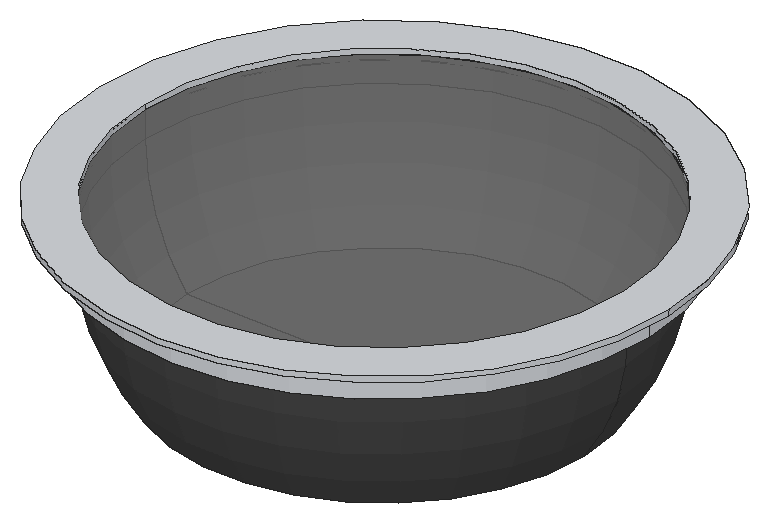
Revit family "3031818 Lighting Fixture_Sylvania_Syl-Lighter II_Ceiling Recessed", category Lighting Fixtures, host Face, Revit 2017
Family settings
  Host = Face
  Round Connector Dimension = Use Diameter
  Part Type = Normal
  OmniClass Number = 23.80.70.11.17
  OmniClass Title = Specialized Lighting by Location or Use
  Cut with Voids When Loaded = No
  Light Source = Yes
  Shared = No
  Room Calculation Point = No
Parameters (values of type "Syl-Lighter LED II 220 RO 21W WW 1-10V")
  Weight = 0.60 kg
  Wattage = 18.847 W
  built-in parameter 1150110 = 1 (stored number, unit not read)
  Voltage Comments = "UNV (Universal Voltage; 220-240 Volt)"  # constant formula
  Voltage = 240 V  # constant formula
  URL = "http://www.sylvania-lighting.com"
  built-in parameter 1114217 = 1 (stored number, unit not read)
  Tilt Angle = -90.00°  # constant formula
  built-in parameter 1150109 = 1 (stored number, unit not read)
  built-in parameter 1150134 = (empty or 0)
  Ta Rating = "-10°C to +40°C"  # constant formula
  built-in parameter 1150113 = 1 (stored number, unit not read)
  Recessed Depth = Height  # 60.0 mm
  IP Rating = "IP44"  # constant formula
  IK Rating = "IK07"  # constant formula
  Energy Class = "A++, A+, A"  # constant formula
  Dimmable = "DALI"  # constant formula
  Catalog Number = "3031818 Syl-Lighter LED II 220 RO 21W WW 1-10V"
  Body Material = Metal_Sylvania_Syl-Lighter LED II_Silver
  Product Page URL = "http://www.sylvania-lighting.com/product/en-int/products/3031818"
  Product Family = "SYL-LIGHTER LED II"  # constant formula
  Photometry Comments = ""
  Photometric Web File = "3031818_Syl-LighterLEDII220RO21WWW1-10V-187625.ies"
  built-in parameter 1150105 = 1031.7 (stored number, unit not read)
  Lumens = 1785 lm
  built-in parameter 1150115 = 1 (stored number, unit not read)
  built-in parameter 1150137 = (empty or 0)
  built-in parameter 1150139 = (empty or 0)
  Life = "50 000h"  # constant formula
  built-in parameter 1150112 = 1 (stored number, unit not read)
  built-in parameter 1150114 = 1 (stored number, unit not read)
  Lamp Comments = "Integrated LED"
  built-in parameter 1150132 = 2
  built-in parameter 1150102 = (empty or 0)
  built-in parameter 1150107 = 3000 (stored number, unit not read)
  built-in parameter 1150138 = (empty or 0)
  built-in parameter 1150106 = 10.317 (stored number, unit not read)
  Glow Wire Test = 650 °C  # constant formula
  Emit from Circle Diameter = Diffuser Diameter  # 185.0 mm
  Emit Shape Visible in Rendering = no
  built-in parameter 1150104 = 8.7988 (stored number, unit not read)
  Drive Current = "450mA"
  Dimming Lamp Color Temperature Shift = <None>
  Diffuser Radius = Diffuser Diameter / 2  # 92.5 mm
  Diffuser Diameter = Diameter - 20.0 mm  # 185.0 mm
  Inner Diameter = Diameter - 4.0 mm  # 201.0 mm
  Cutout Diameter = Diameter  # 205.0 mm
  Color Filter = 16777215
  Beam Angle = 74.00°
  built-in parameter 1114218 = 1 (stored number, unit not read)
  built-in parameter 1150133 = 10 (stored number, unit not read)
  Height = 60.0 mm
  Electrical Protection = "CLASS II"  # constant formula
  built-in parameter 1114216 [instance] = 1 (stored number, unit not read)
  Model = "Syl-Lighter LED II 220 RO 21W WW 1-10V"
  Manufacturer = "Feilo Sylvania"  # constant formula
  Lamp = "LED"
  Diffuser Material = Polycarbonate_Sylvania_Syl-Lighter LED II_Opal
  Description = "Syl-Lighter LED II is available in 4 different round body sizes: 165mm, 195mm, 220mm & 240mm Syl-Lighter LED II 165 12W delivers a 1,134 lumen output (4,000K) - perfect for 1x26W CFL replacement Syl-Lighter LED II 195 15W delivers a 1,480 lumen output (4,000K) - perfect for 1x32W/2x18W CFL replacement Syl-Lighter LED II 220 21W delivers a 1,989 lumen output (4,000K) - perfect for 1x42W CFL replacement Syl-Lighter LED II 240 25W delivers a 2,289 lumen output (4,000K)- perfect for 2x26W CFL replacement High efficacy up to 99lm/W (Syl-Lighter LED II 195 4,000K) IP44 rating allows for installation in applicable wet zone areas Choice of 3,000K (warm white) or 4,000K (neutral white) Shallow recess depth of <65mm Can replace existing large CFL downlights using a 225mm ceiling cut out (Syl-Lighter LED II 240) Energy efficient electronic gear including analogue 1-10V and DALI dimmable options IK07 polycarbonate diffuser allows for a wider light distribution than a reflector downlight, allowing for increased spacings between luminaires 3 hour emergency pack available (to be ordered in addition to the luminaire) Ideal for applications such as corridors, public WCs and back of house areas Quick and easy to install Loop in-Loop out facility with red push fit terminal block for quick wiring White bezel (RAL 9003) Energy Class: A++, A+, A Long lifetime: 50,000 hours life at L70 (L80: 30,000 hours, L90: 15,000 hours)"  # constant formula
  Default Elevation = 0.0 mm
  built-in parameter 1140040 [instance] = 1
  Assembly Code = "D5020200"
  Apparent Load Comments = ""
  Apparent Load = 21 VA
  Accessory Radius = Accessory Diameter / 2  # 110.0 mm
  Accessory Material = Aluminum_Sylvania_Syl-Lighter LED II_White_RAL 9003
  Diameter = 205.0 mm
  Accessory Diameter = 220.0 mm
Reference planes
  plane 1 "Center (Front/Back)": y = 0
  plane 2: z = 0
  plane 3 "Center (Left/Right)": x = 0
  plane 4 "Fixture Bottom": z = 2
  plane 5: z = -10
  plane 6 "Fixture Top": z = -60
  plane 7: z = -2
Forms (mm)
  Extrusion 1, void
    sketch origin (0, 0, 58) x (-1, 0, 0) y (0, -1, 0)
      loop
        circle (0, 0) r 102.5
    from -171 to -55
  Extrusion 2, solid, detail levels fine
    sketch origin (0, 0, 58) x (-1, 0, 0) y (0, -1, 0)
      loop
        circle (0, 0) r 102.5
      loop
        circle (0, 0) r 100.5
    from -68 to -58
  Extrusion 3, solid, detail levels fine
    sketch origin (0, 0, 58) x (-1, 0, 0) y (0, -1, 0)
      loop
        circle (0, 0) r 110
      loop
        circle (0, 0) r 92.5
    from -58 to -56
  Extrusion 4, solid, material "Polycarbonate_Sylvania_Syl-Lighter LED II_Opal" <- "Diffuser Material", detail levels fine
    sketch origin (0, 0, 58) x (-1, 0, 0) y (0, -1, 0)
      loop
        circle (0, 0) r 92.5
    from -60 to -58
  Revolve 5, solid, material "Metal_Sylvania_Syl-Lighter LED II_Silver" <- "Body Material", detail levels fine
    sketch origin (0, 0, 0) x (1, 0, 0) y (0, 0, 1)
      loop
        line (-92.5, 0) -> (-94.5, 0) -> (-94.5, -10)
        arc (-94.5, -10) -> (-90.134, -36.405) -> (-77.5, -60) r 82.029
        line (-77.5, -60) -> (0, -60) -> (0, -58) -> (-76.507, -58)
        arc (-76.507, -58) -> (-88.397, -35.297) -> (-92.5, -10) r 80.029
        line (-92.5, -10) -> (-92.5, 0)
      axis (0, -60) -> (0, 0)
    angle from 0 to 360
  Revolve 6, solid, material "Aluminum_Sylvania_Syl-Lighter LED II_White_RAL 9003" <- "Accessory Material", detail levels coarse+medium
    sketch origin (0, 0, 0) x (1, 0, 0) y (0, 0, 1)
      loop
        line (-110, 2) -> (-110, 0) -> (-102.5, 0) -> (-102.5, -10) -> (-94.5, -10)
        arc (-94.5, -10) -> (-90.134, -36.405) -> (-77.5, -60) r 82.029
        line (-77.5, -60) -> (0, -60) -> (0, 2) -> (-110, 2)
      axis (0, 2) -> (0, -60)
    angle from 0 to 360
Cuts and joins
  joined: Extrusion 2, Extrusion 3
Lines and regions (mm)
  Masking region 1
    outline origin (0, 0, 58) x (-1, 0, 0) y (0, -1, 0)
      loop
        circle (0, 0) r 110
  symbolic lines, detail levels fine
    curve 1: arc (-92.5, 0, 58) -> (0, 92.5, 58) -> (92.5, 0, 58) r 92.5
    curve 2: arc (92.5, 0, 58) -> (0, -92.5, 58) -> (-92.5, 0, 58) r 92.5
Dimensions and locks
  locked: plane 4 "Fixture Bottom" to plane 2 at 2
  locked: plane 2 to plane 5 at 10
  "Height": plane 2 to plane 6 "Fixture Top"
  locked: plane 2 to plane 7 at 2
  "Diffuser Radius": plane 3 "Center (Left/Right)" to Revolve 5 sketch curve
  locked: Revolve 5 sketch curve to Revolve 5 sketch curve at 2
  locked: Revolve 5 sketch curve to Revolve 5 sketch curve at 15
  "Accessory Radius": plane 3 "Center (Left/Right)" to Revolve 6 sketch curve
  Revolve 6 sketch curve to Revolve 6 sketch curve to Revolve 6 sketch curve to Revolve 6 sketch curve = 7.5 mm locked, 8.0 mm locked, 17.0 mm locked
  "Cutout Diameter": diameter of Extrusion 1 sketch curve
  "Diameter": diameter of Extrusion 2 sketch curve
  "Inner Diameter": diameter of Extrusion 2 sketch curve
  "Accessory Diameter": diameter of Extrusion 3 sketch curve
  "Diffuser Diameter": diameter of Extrusion 3 sketch curve
  "Diffuser Diameter": diameter of Extrusion 4 sketch curve
  "Accessory Diameter": diameter of Masking region 1 sketch curve
  aligned and locked: host face to plane 2
  aligned and locked: host face to level
  aligned and locked: plane 4 "Fixture Bottom" to Extrusion 3
  aligned and locked: Extrusion 3 to plane 2
  aligned and locked: Extrusion 2 to plane 5
  aligned and locked: plane 2 to Extrusion 2
  aligned and locked: Extrusion 4 to plane 7
  aligned and locked: plane 2 to Extrusion 4
  aligned and locked: Revolve 5 sketch curve to plane 2
  aligned and locked: plane 5 to Revolve 5 sketch curve  (x2)
  aligned and locked: Revolve 5 sketch curve to plane 3 "Center (Left/Right)"
  aligned and locked: plane 3 "Center (Left/Right)" to Revolve 5 sketch curve
  aligned and locked: Revolve 6 sketch curve to plane 5
  aligned and locked: Revolve 6 sketch curve to plane 2
  aligned and locked: Revolve 6 sketch curve to plane 4 "Fixture Bottom"
  aligned and locked: plane 3 "Center (Left/Right)" to Revolve 6 sketch curve
  aligned and locked: Revolve 6 sketch curve to plane 3 "Center (Left/Right)"
  aligned and locked: plane 3 "Center (Left/Right)" to imposter light
  aligned and locked: imposter light to plane 1 "Center (Front/Back)"
  aligned and locked: imposter light to plane 4 "Fixture Bottom"
  aligned and locked: curve 1 to cut or joined group of Extrusion 2, Extrusion 3
Automatic sketch dimensions
  host sketch curve to host sketch curve = 700.0 mm
  host sketch curve to host sketch curve = 620.0 mm
  plane 1 "Center (Front/Back)" to Extrusion 1 sketch curve = 0.0 mm
  Extrusion 1 sketch curve to plane 3 "Center (Left/Right)" = 0.0 mm
  Extrusion 2 sketch curve to Extrusion 2 sketch curve = 0.0 mm  (x2)
  plane 1 "Center (Front/Back)" to Extrusion 2 sketch curve = 0.0 mm
  Extrusion 2 sketch curve to plane 3 "Center (Left/Right)" = 0.0 mm
  Extrusion 3 sketch curve to Extrusion 3 sketch curve = 0.0 mm  (x2)
  plane 1 "Center (Front/Back)" to Extrusion 3 sketch curve = 0.0 mm
  Extrusion 3 sketch curve to plane 3 "Center (Left/Right)" = 0.0 mm
  plane 1 "Center (Front/Back)" to Extrusion 4 sketch curve = 0.0 mm
  Extrusion 4 sketch curve to plane 3 "Center (Left/Right)" = 0.0 mm
  Revolve 5 sketch curve to Revolve 5 sketch curve = 0.0 mm
  Revolve 5 sketch curve to plane 6 "Fixture Top" = 0.0 mm
  plane 6 "Fixture Top" to Revolve 5 sketch curve = 2.0 mm
  Revolve 5 sketch curve to Revolve 5 sketch curve = 17.111 mm
  plane 4 "Fixture Bottom" to Revolve 5 sketch curve = 20.889 mm
  Revolve 6 sketch curve to plane 6 "Fixture Top" = 0.0 mm
  Revolve 6 sketch curve to plane 6 "Fixture Top" = 63.885 mm
  Revolve 6 sketch curve to Revolve 6 sketch curve = 84.115 mm
  plane 1 "Center (Front/Back)" to Masking region 1 sketch curve = 0.0 mm
  Masking region 1 sketch curve to plane 3 "Center (Left/Right)" = 0.0 mm
Connectors
  electrical at (0, 0, -60), driven by "Apparent Load", driven by "Voltage"
    settings: on Revolve 5, index 1, voltage 240 V, apparent load 0 VA, apparent load phase1 21 VA, apparent load phase2 0 VA, apparent load phase3 0 VA, power factor 1, load classification "Lighting", number of poles 1, system type 31, power factor state 1, is connector primary yes, connector utility no, sub classification motor no, connector description ""
